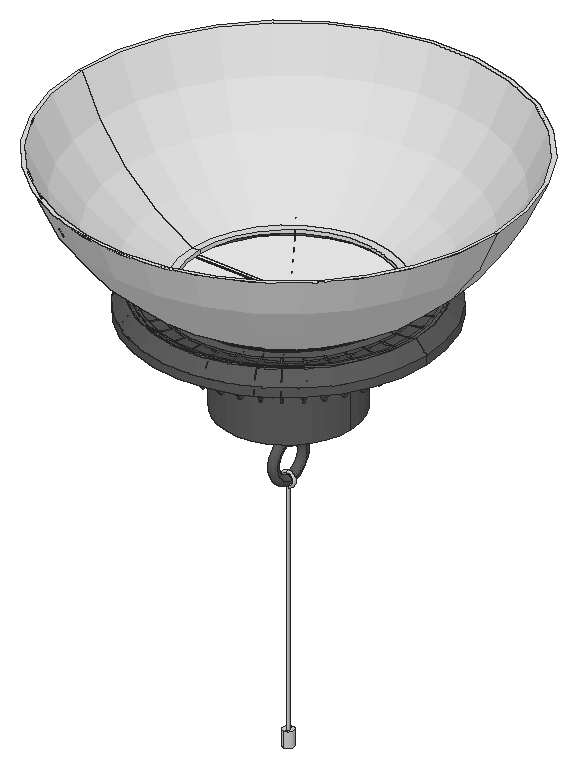
Revit family "0039344+0039356 Feilo Sylvania Lighting Fixture START HIGHBAY 4K 13KLM MEDIUM with ALU SHADE ALU COLOR FOR 13_19KLM", category Lighting Fixtures, host Face, Revit 2017
Family settings
  Host = Face
  Round Connector Dimension = Use Diameter
  Part Type = Normal
  OmniClass Number = 23.80.70.00
  OmniClass Title = Lighting
  Cut with Voids When Loaded = No
  Light Source = Yes
  Shared = No
  Room Calculation Point = No
Parameters (values of type "0039344+0039356 START HIGHBAY 4K 13KLM MEDIUM ALU SHADE ALU COLOR FOR 13/19KLM")
  WidthStraight_FEILO = if(SizeS_FEILO, 3 mm, if(SizeM_FEILO, 4 mm, 4.7 mm))  # 3 mm
  WidthRingChamfer_FEILO = if(SizeS_FEILO, 10.3 mm, if(SizeM_FEILO, 11.2 mm, 12.9 mm))  # 10.3 mm
  WidthCurved_FEILO = if(SizeS_FEILO, 17.4 mm, if(SizeM_FEILO, 16.4 mm, 26.2 mm))  # 17.4 mm
  WidthCurvedRing_FEILO = if(SizeS_FEILO, 3 mm, if(SizeM_FEILO, 4 mm, 4.7 mm))  # 3 mm
  WidthBracket_FEILO = 40 mm
  Weight = "3.0 kg"
  Wattage Comments = ""
  Wattage = 100 W
  WarrantyStartDate [instance] = "n/a"
  WarrantyGuarantorParts = "n/a"
  WarrantyDurationUnit = "n/a"
  WarrantyDurationParts = "n/a"
  WarrantyDescription = "n/a"
  built-in parameter 1150110 = 1 (stored number, unit not read)
  Voltage = 230 V
  VisibilityBracket_FEILO = no
  URL = "http://www.sylvania-lighting.com"
  TypeName = "START HIGHBAY 4K 13KLM MEDIUM ALU SHADE ALU COLOR FOR 13/19KLM"
  Type Image = <None>
  Type Comments = "n/a"
  built-in parameter 1114217 = 1 (stored number, unit not read)
  Tilt Angle = -90.00°
  ThicknessWall_FEILO = 1.5 mm
  ThicknessBracket_FEILO = 1.5 mm
  ThicknessBracketHalf_FEILO = ThicknessBracket_FEILO / 2  # 0.75 mm
  built-in parameter 1150109 = 1 (stored number, unit not read)
  built-in parameter 1150134 = 12
  SuspensionHeight_FEILO [instance] = 400 mm
  built-in parameter 1150113 = 1 (stored number, unit not read)
  SizeS_FEILO = yes
  SizeM_FEILO = no
  ShadeThickness_FEILO = 3 mm
  ShadeSizeSM_FEILO = or(SizeS_FEILO, SizeM_FEILO)  # yes
  ShadeRadiusOut_FEILO = 205 mm
  ShadeRadiusIn_FEILO = if(ShadeSizeSM_FEILO, 95 mm, 121 mm)  # 95 mm
  ShadeRadiusBend_FEILO = if(ShadeSizeSM_FEILO, 210 mm, 210 mm)  # 210 mm
  ShadeHeight_FEILO = if(ShadeSizeSM_FEILO, 120 mm, 151 mm)  # 120 mm
  SerialNumber [instance] = "n/a"
  Rib4_FEILO = if(SizeS_FEILO, 18.1 mm, if(SizeM_FEILO, 13.6 mm, 14.6 mm))  # 18.1 mm
  Rib3_FEILO = if(SizeS_FEILO, 15.3 mm, if(SizeM_FEILO, 17.6 mm, 20.2 mm))  # 15.3 mm
  Rib2_FEILO = if(SizeS_FEILO, 3.6 mm, if(SizeM_FEILO, 3.9 mm, 4.5 mm))  # 3.6 mm
  Rib1_FEILO = if(SizeS_FEILO, 15.1 mm, if(SizeM_FEILO, 16.5 mm, 19 mm))  # 15.1 mm
  RadiusDiffuser_FEILO = if(SizeS_FEILO, 95.2 mm, if(SizeM_FEILO, 105.3 mm, 120 mm))  # 95.2 mm
  RadiusArrayPost_FEILO = DriverRadius_FEILO - 6 mm  # 55.4 mm
  RHRadius3_FEILO = if(SizeS_FEILO, 6.6 mm, if(SizeM_FEILO, 7.4 mm, 8.6 mm))  # 6.6 mm
  RHRadius2_FEILO = if(SizeS_FEILO, 11 mm, if(SizeM_FEILO, 12 mm, 14 mm))  # 11 mm
  RHRadius1_FEILO = if(SizeS_FEILO, 13.6 mm, if(SizeM_FEILO, 14.9 mm, 17.7 mm))  # 13.6 mm
  RHHeight4_FEILO = if(SizeS_FEILO, 7.3 mm, if(SizeM_FEILO, 8 mm, 9.2 mm))  # 7.3 mm
  RHHeight3_FEILO = if(SizeS_FEILO, 3.6 mm, if(SizeM_FEILO, 3.7 mm, 4.6 mm))  # 3.6 mm
  RHHeight2_FEILO = if(SizeS_FEILO, 2 mm, if(SizeM_FEILO, 2.2 mm, 2.6 mm))  # 2 mm
  RHHeight1_FEILO = if(SizeS_FEILO, 11.8 mm, if(SizeM_FEILO, 15.3 mm, 17.4 mm))  # 11.8 mm
  Photometric Web File = "0039344+0039356.ies"
  Material_5_FEILO = Shade-Sylvania-StartHighbay-Alu
  Material_3_FEILO = LED-Sylvania-StartHighbay-Glow
  PowerFactor = 0.95
  PowerConsumption = "100 W"
  NominalLength = 270 mm
  NominalHeight = 170 mm
  NominalDepth = 270 mm
  Name = "START HIGHBAY 4K 13KLM MEDIUM ALU SHADE ALU COLOR FOR 13/19KLM"
  ModelReference = Name  # "START HIGHBAY 4K 13KLM MEDIUM ALU SHADE ALU COLOR FOR 13/19KLM"
  ModelNumber = "0039344+0039356"
  Model = Name  # "START HIGHBAY 4K 13KLM MEDIUM ALU SHADE ALU COLOR FOR 13/19KLM"
  Material = "aluminium alloy housing, polycarbonate diffuser"
  ManufacturerName = "Feilo Sylvania"
  Manufacturer = "Feilo Sylvania"
  LuminousEfficacy = "130 lm/W"
  built-in parameter 1150105 = 17668 (stored number, unit not read)
  Lumens = 13000 lm
  LuminaireType = ""
  built-in parameter 1150115 = 1 (stored number, unit not read)
  LightOutputRatio = "n/a"
  built-in parameter 1150137 = (empty or 0)
  built-in parameter 1150139 = (empty or 0)
  LampsType = Lamp  # "LED"
  LampNominalLuminous = "13000 lm"
  LampMacAdamStep = "n/a"
  LampColourTemperature = "4000 K"
  LampColourRenderingIndex = "80"
  built-in parameter 1150112 = 1 (stored number, unit not read)
  built-in parameter 1150114 = 1 (stored number, unit not read)
  Lamp = "LED"
  Keynote = "16500"
  InstallationDate [instance] = "n/a"
  InputVoltage = "220-240V~"
  InputNominalFrequency = "50/60 Hz"
  built-in parameter 1150132 = (empty or 0)
  built-in parameter 1150102 = (empty or 0)
  built-in parameter 1150107 = 4000 (stored number, unit not read)
  built-in parameter 1150138 = (empty or 0)
  IngressProtection = "IP65"
  ImpactProtectionIndex = "IK08"
  built-in parameter 1150106 = 176.68 (stored number, unit not read)
  IfcExportType = "IfcLightFixtureType"
  IfcExportAs = "IfcLightFixtureType"
  HeightRing_FEILO = if(SizeS_FEILO, 19.8 mm, if(SizeM_FEILO, 32 mm, 36.8 mm))  # 19.8 mm
  HeightRingChamfer_FEILO = if(SizeS_FEILO, 11.7 mm, if(SizeM_FEILO, 23.2 mm, 26.6 mm))  # 11.7 mm
  EyeThickness_FEILO = if(SizeS_FEILO, 8.4 mm, if(SizeM_FEILO, 9.2 mm, 10.5 mm))  # 8.4 mm
  EyeThicknessHalf_FEILO = EyeThickness_FEILO / 2  # 4.2 mm
  EyeInner_FEILO = if(SizeS_FEILO, 13.8 mm, if(SizeM_FEILO, 15.1 mm, 17.3 mm))  # 13.8 mm
  ExpectedLife = 50000
  Emit from Circle Diameter = RadiusDiffuser_FEILO * 2  # 190.4 mm
  Emit Shape Visible in Rendering = no
  ElectricShockClassification = "Class I"
  built-in parameter 1150104 = 12.077 (stored number, unit not read)
  DurationUnit = "hours"
  DriverVerticalStraight_FEILO = if(SizeS_FEILO, 46.5 mm, if(SizeM_FEILO, 49.7 mm, 57 mm))  # 46.5 mm
  DriverVerticalChamfer_FEILO = if(SizeS_FEILO, 7.5 mm, if(SizeM_FEILO, 8.2 mm, 9.5 mm))  # 7.5 mm
  DriverRadius_FEILO = if(SizeS_FEILO, 61.4 mm, if(SizeM_FEILO, 67.2 mm, 76.4 mm))  # 61.4 mm
  DriverRadiusTop_FEILO = if(SizeS_FEILO, 42 mm, if(SizeM_FEILO, 45.3 mm, 52.4 mm))  # 42 mm
  DriverBottom_FEILO = if(SizeS_FEILO, 56 mm, if(SizeM_FEILO, 64.5 mm, 74 mm))  # 56 mm
  DocumentationLiterature = "http://www.sylvania-lighting.com/product/en-int/products/0039344"
  DimmingControlOptions = "n/a"
  Material_2_FEILO = Diffuser-Sylvania-StartHighbay-Transparent
  Radius_FEILO = if(SizeS_FEILO, 135 mm, if(SizeM_FEILO, 148 mm, 169.5 mm))  # 135 mm
  Dimming Lamp Color Temperature Shift = <None>
  DiameterWire_FEILO = 3 mm
  DiameterWireSupport_FEILO = 10 mm
  Description = "START HIGHBAY, includes 1 m cables, black aluminium housing, 13000LM, 100W, 130lm/W, 4000K, Driver current: 2140mA, CR80, 60° beam angle, 1-10V dimmable,  IP65, IK08, 50,000 hrs (L70B50), (LxWxH) 270x270x170mm"
  Default Elevation = 1219.2 mm
  CreatedOn = "2/28/2018"
  CreatedBy = ""
  Cost = 0
  Color Filter = 16777215
  built-in parameter 1114216 [instance] = (empty or 0)
  ClassificationValue = "EF_70_80"
  ClassificationName = "Uniclass2015"
  Material_1_FEILO = Body-Sylvania-StartHighbay-Black
  BarCode [instance] = "n/a"
  built-in parameter 1114218 = 1 (stored number, unit not read)
  built-in parameter 1150133 = 10 (stored number, unit not read)
  AssetType = "Fixed"
  AssetIdentifier [instance] = "n/a"
  Assembly Code = "D5020200"
  Apparent Load = 100 VA
  Material_4_FEILO = Shade-Sylvania-StartHighbay-Alu
Reference planes
  plane 1 "Center (Front/Back)": y = 0
  plane 2: z = 0
  plane 3 "Center (Left/Right)": x = 0
  plane 4: z = 400
  plane 5: x = -135
  plane 6: x = -124.7
  plane 7: z = 388.3
  plane 8: z = 380.2
  plane 9: x = -121.7
  plane 10: z = 397.375
  plane 11: x = -104.3
  plane 12: x = -95.2
  plane 13: x = -118.7
  plane 14: z = 398.375
  plane 15: z = 396.375
  plane 16: x = -92.2
  plane 17: z = 395.375
  plane 18: x = -133.5
  plane 19: x = -119.9
  plane 20: z = 376.6
  plane 21: x = -104.6
  plane 22: z = 358.5
  plane 23: x = -20
  plane 24: z = 344
  plane 25: x = -61.4
  plane 26: z = 297.5
  plane 27: x = -42
  plane 28: z = 290
  plane 29: x = -13.6
  plane 30: z = 278.2
  plane 31: z = 276.2
  plane 32: x = -11
  plane 33: z = 272.6
  plane 34: z = 265.3
  plane 35: x = -6.6
  plane 36: z = 251.5
  plane 37: z = 237.7
  plane 38: x = 4.2
  plane 39: x = -4.2
  plane 40: z = 229.3
  plane 41: z = 233.5
  plane 42: x = -129.1
  plane 43: x = -132.5
  plane 44: z = 378.7
  plane 45: x = -123.2
  plane 46: z = 320.75
  plane 47: y = -20
  plane 48: y = 20
  plane 49: x = 135
  plane 50: x = 124.7
  plane 51: x = 133.5
  plane 52: x = 129.1
  plane 53: x = 132.5
  plane 54: x = 123.2
  plane 55: z = 240.7
  plane 56: y = 1.5
  plane 57: y = -1.5
  plane 58: z = 239.2
  plane 59: z = 227.8
  plane 60: z = 226.3
  plane 61: y = -5
  plane 62: y = 5
  plane 63: z = 14
  plane 64: x = -205
  plane 65: z = 520
  plane 66: x = -95
  plane 67: x = -87
  plane 68: x = -202
  plane 69: z = 403
Forms (mm)
  Revolve 1, solid, material "Body-Sylvania-StartHighbay-Black" <- "Material_1_FEILO", detail levels medium+fine
    sketch origin (0, 0, 0) x (1, 0, 0) y (0, 0, 1)
      loop
        line (-135, 380.2) -> (-133.5, 380.2) -> (-133.5, 387.734) -> (-125.012, 397.375) -> (-118.7, 397.375) -> (-118.7, 399.16)
        arc (-118.7, 399.16) -> (-120.206, 399.56) -> (-121.7, 400) r 58.981
        line (-121.7, 400) -> (-124.241, 400)
        arc (-124.241, 400) -> (-124.657, 399.911) -> (-124.999, 399.66) r 1.015
        line (-124.999, 399.66) -> (-135, 388.3) -> (-135, 380.2)
      axis (0, 400) -> (0, 380.2)
    angle from 360 to 0
  Revolve 2, solid, material "Body-Sylvania-StartHighbay-Black" <- "Material_1_FEILO", detail levels medium+fine
    sketch origin (0, 0, 0) x (1, 0, 0) y (0, 0, 1)
      loop
        line (-104.3, 395.375) -> (-95.2, 395.375) -> (-95.2, 388.3) -> (0, 388.3) -> (0, 395.375) -> (-92.2, 395.375) -> (-92.2, 396.375) -> (-95.2, 396.375) -> (-95.2, 397.375) -> (-104.3, 397.375) -> (-104.3, 395.375)
      axis (0, 397.375) -> (0, 388.3)
    angle from 360 to 0
  Revolve 3, solid, material "Diffuser-Sylvania-StartHighbay-Transparent" <- "Material_2_FEILO", detail levels medium+fine
    sketch origin (0, 0, 0) x (1, 0, 0) y (0, 0, 1)
      loop
        line (-95.2, 396.375) -> (0, 396.375) -> (0, 398.375) -> (-95.2, 398.375) -> (-95.2, 396.375)
      axis (0, 398.375) -> (0, 396.375)
    angle from 360 to 0
  Revolve 4, solid, material "Body-Sylvania-StartHighbay-Black" <- "Material_1_FEILO"
    sketch origin (0, 0, 0) x (1, 0, 0) y (0, 0, 1)
      loop
        line (-61.4, 358.5) -> (-61.4, 297.5) -> (-42, 290) -> (-13.6, 290) -> (-13.6, 278.2) -> (-11, 276.2) -> (-11, 272.6) -> (-7.037, 266.026)
        arc (-7.037, 266.026) -> (-6.49, 265.494) -> (-5.753, 265.3) r 1.5
        line (-5.753, 265.3) -> (0, 265.3) -> (0, 358.5) -> (-61.4, 358.5)
      axis (0, 358.5) -> (0, 265.3)
    angle from 360 to 0
  Revolve 5, solid, material "Body-Sylvania-StartHighbay-Black" <- "Material_1_FEILO"
    sketch origin (0, 0, 0) x (1, 0, 0) y (0, 0, 1)
      loop
        circle (0, 233.5) r 4.2
      axis (4.2, 251.5) -> (-4.2, 251.5)
    angle from 360 to 0
  Extrusion 6, solid, material "Body-Sylvania-StartHighbay-Black" <- "Material_1_FEILO", visible <- "VisibilityBracket_FEILO"
    sketch origin (0, 0, 0) x (1, 0, 0) y (0, 0, 1)
      loop
        line (-132.5, 380.2) -> (-132.5, 378.7) -> (-125.45, 378.7)
        arc (-125.45, 378.7) -> (-124.92, 378.48) -> (-124.7, 377.95) r 0.75
        line (-124.7, 377.95) -> (-124.7, 320.75) -> (-123.2, 320.75) -> (-123.2, 378.7)
        arc (-123.2, 378.7) -> (-123.639, 379.761) -> (-124.7, 380.2) r 1.5
        line (-124.7, 380.2) -> (-132.5, 380.2)
      loop
        line (132.5, 380.2) -> (124.7, 380.2)
        arc (124.7, 380.2) -> (123.639, 379.761) -> (123.2, 378.7) r 1.5
        line (123.2, 378.7) -> (123.2, 320.75) -> (124.7, 320.75) -> (124.7, 377.95)
        arc (124.7, 377.95) -> (124.92, 378.48) -> (125.45, 378.7) r 0.75
        line (125.45, 378.7) -> (132.5, 378.7) -> (132.5, 380.2)
    from -20 to 20
  Extrusion 7, void
    sketch origin (0, 0, 0) x (0, 1, 0) y (0, 0, 1)
      loop
        arc (-10, 320.75) -> (-17.071, 323.679) -> (-20, 330.75) r 10
        line (-20, 330.75) -> (-25, 330.75) -> (-25, 315.75) -> (-10, 315.75) -> (-10, 320.75)
      loop
        line (10, 320.75) -> (10, 315.75) -> (25, 315.75) -> (25, 330.75) -> (20, 330.75)
        arc (20, 330.75) -> (17.071, 323.679) -> (10, 320.75) r 10
    from -124.7 to 124.7
  Revolve 8, solid, material "Body-Sylvania-StartHighbay-Black" <- "Material_1_FEILO", detail levels coarse
    sketch origin (0, 0, 0) x (1, 0, 0) y (0, 0, 1)
      loop
        line (0, 400) -> (-124.7, 400) -> (-135, 388.3) -> (-135, 380.2) -> (-119.9, 380.2) -> (-119.9, 376.6) -> (-104.6, 358.5) -> (0, 358.5) -> (0, 400)
      axis (0, 400) -> (0, 358.5)
    angle from 360 to 0
  Revolve 9, solid
    sketch origin (0, 0, 0) x (0, 1, 0) y (0, 0, 1)
      loop
        circle (0, 239.2) r 1.5
      axis (1.5, 233.5) -> (-1.5, 233.5)
    angle from 360 to 0
  Revolve 10, solid
    sketch origin (0, 0, 0) x (0, 1, 0) y (0, 0, 1)
      loop
        line (0, 0) -> (0, 227.8) -> (-1.5, 227.8) -> (-1.5, 14) -> (-5, 14) -> (-5, 0) -> (0, 0)
      axis (0, 0) -> (0, 227.8)
    angle from 360 to 0
  Revolve 11, solid, material "Shade-Sylvania-StartHighbay-Alu" <- "Material_4_FEILO"
    sketch origin (0, 0, 0) x (1, 0, 0) y (0, 0, 1)
      loop
        line (-95, 400) -> (-87, 400) -> (-87, 403) -> (-94.341, 403)
        arc (-94.341, 403) -> (-159.747, 450.78) -> (-201.81, 520) r 207
        line (-201.81, 520) -> (-205, 520)
        arc (-205, 520) -> (-162.101, 448.908) -> (-95, 400) r 210
      axis (0, 520) -> (0, 400)
    angle from 360 to 0
Cuts and joins
  Extrusion 7 cuts Extrusion 6
Lines and regions (mm)
  reference lines
    curve 1: line (-135, 0, 388.3) -> (-124.7, 0, 400)
    curve 2: line (-104.3, 0, 397.375) -> (0, 0, 397.375)
    curve 3: arc (-104.3, 0, 397.375) -> (-113.098, 0, 398.035) -> (-121.7, 0, 400) r 58.981
    curve 4: line (-124.7, 0, 400) -> (-121.7, 0, 400)
    curve 5: line (-125.012, 0, 397.375) -> (-133.5, 0, 387.734)
    curve 6: line (-119.9, 0, 376.6) -> (-104.6, 0, 358.5)
    curve 7: line (-11, 0, 272.6) -> (-6.6, 0, 265.3)
    curve 8: circle (0, 0, 233.5) r 4.2 normal (0, -1, 0)
    curve 9: arc (-95, 0, 400) -> (-162.101, 0, 448.908) -> (-205, 0, 520) r 210
Dimensions and locks
  "Radius_FEILO": plane 3 "Center (Left/Right)" to plane 5
  "WidthRingChamfer_FEILO": plane 6 to plane 5
  "WidthStraight_FEILO": plane 9 to plane 6
  "WidthCurvedRing_FEILO": plane 13 to plane 9
  locked: plane 10 to plane 15 at 1
  locked: plane 14 to plane 10 at 1
  locked: plane 4 to plane 10 at 2.625
  locked: plane 15 to plane 17 at 1
  "ThicknessWall_FEILO": plane 18 to plane 5
  "ThicknessWall_FEILO": curve 5 to curve 1
  "HeightRingChamfer_FEILO": plane 4 to plane 7
  "HeightRing_FEILO": plane 4 to plane 8
  "RadiusDiffuser_FEILO": plane 3 "Center (Left/Right)" to plane 12
  locked: plane 16 to plane 12 at 3
  "WidthCurved_FEILO": plane 11 to plane 9
  "SuspensionHeight_FEILO": plane 4 to plane 2
  "Rib1_FEILO": plane 19 to plane 5
  "Rib2_FEILO": plane 8 to plane 20
  "Rib3_FEILO": plane 21 to plane 19
  "Rib4_FEILO": plane 20 to plane 22
  locked: plane 3 "Center (Left/Right)" to plane 23 at 20
  "DriverBottom_FEILO": plane 4 to plane 24
  "DriverRadius_FEILO": plane 3 "Center (Left/Right)" to plane 25
  "DriverVerticalStraight_FEILO": plane 24 to plane 26
  "DriverRadiusTop_FEILO": plane 3 "Center (Left/Right)" to plane 27
  "DriverVerticalChamfer_FEILO": plane 26 to plane 28
  "RHRadius1_FEILO": plane 3 "Center (Left/Right)" to plane 29
  "RHHeight2_FEILO": plane 30 to plane 31
  "RHRadius2_FEILO": plane 3 "Center (Left/Right)" to plane 32
  "RHHeight3_FEILO": plane 31 to plane 33
  "RHHeight4_FEILO": plane 33 to plane 34
  "RHRadius3_FEILO": plane 3 "Center (Left/Right)" to plane 35
  "RHHeight1_FEILO": plane 28 to plane 30
  "EyeInner_FEILO": plane 34 to plane 36
  "EyeInner_FEILO": plane 36 to plane 37
  equal spacing: plane 38, plane 3 "Center (Left/Right)", plane 39
  "EyeThickness_FEILO": plane 38 to plane 39
  "EyeThickness_FEILO": plane 37 to plane 40
  equal spacing: plane 37, plane 41, plane 40
  equal spacing: plane 6, plane 42, plane 18
  "ThicknessBracket_FEILO": plane 45 to plane 6
  "ThicknessBracket_FEILO": plane 8 to plane 44
  locked: plane 43 to plane 18 at 1
  equal spacing: plane 24, plane 46, plane 26
  equal spacing: plane 47, plane 1 "Center (Front/Back)", plane 48
  "WidthBracket_FEILO": plane 47 to plane 48
  "WidthRingChamfer_FEILO": plane 50 to plane 49
  "ThicknessWall_FEILO": plane 51 to plane 49
  equal spacing: plane 50, plane 52, plane 51
  "ThicknessBracket_FEILO": plane 54 to plane 50
  locked: plane 53 to plane 51 at 1
  "Radius_FEILO": plane 49 to plane 3 "Center (Left/Right)"
  equal spacing: plane 57, imposter light, plane 56
  "DiameterWire_FEILO": plane 57 to plane 56
  "DiameterWire_FEILO": plane 37 to plane 55
  equal spacing: plane 37, plane 58, plane 55
  "DiameterWire_FEILO": plane 60 to plane 40
  equal spacing: plane 60, plane 59, plane 40
  equal spacing: plane 61, plane 1 "Center (Front/Back)", plane 62
  "DiameterWireSupport_FEILO": plane 61 to plane 62
  locked: plane 63 to plane 2 at 14
  "ShadeRadiusOut_FEILO": plane 3 "Center (Left/Right)" to plane 64
  "ShadeHeight_FEILO": plane 65 to plane 4
  "ShadeRadiusIn_FEILO": plane 3 "Center (Left/Right)" to plane 66
  locked: plane 67 to plane 66 at 8
  "ShadeThickness_FEILO": plane 69 to plane 4
  "ShadeThickness_FEILO": plane 68 to plane 64
  "EyeThicknessHalf_FEILO": radius of curve 8
  "ThicknessBracket_FEILO": radius of Extrusion 6 sketch curve  (x2)
  "ThicknessBracketHalf_FEILO": radius of Extrusion 6 sketch curve  (x2)
  "DiameterWire_FEILO": diameter of Revolve 9 sketch curve
  "ShadeRadiusBend_FEILO": radius of curve 9
  aligned and locked: plane 2 to host face
  aligned and locked: level to host face
  aligned and locked: plane 5 to curve 1
  aligned and locked: plane 6 to curve 1
  aligned and locked: plane 7 to curve 1
  aligned and locked: plane 10 to curve 2
  aligned and locked: plane 9 to curve 3
  aligned and locked: plane 4 to curve 3
  aligned and locked: plane 11 to curve 3
  aligned and locked: plane 4 to curve 4
  aligned and locked: plane 18 to curve 5
  aligned and locked: plane 10 to curve 5
  aligned and locked: Revolve 1 sketch curve to plane 3 "Center (Left/Right)"
  aligned and locked: Revolve 1 sketch curve to curve 3
  aligned and locked: Revolve 1 sketch curve to curve 1
  aligned and locked: plane 4 to Revolve 1 sketch curve
  aligned and locked: plane 9 to Revolve 1 sketch curve
  aligned and locked: Revolve 1 sketch curve to plane 13
  aligned and locked: Revolve 1 sketch curve to plane 10
  aligned and locked: plane 13 to Revolve 1 sketch curve
  aligned and locked: plane 10 to Revolve 1 sketch curve
  aligned and locked: Revolve 1 sketch curve to plane 18
  aligned and locked: Revolve 1 sketch curve to plane 8
  aligned and locked: plane 5 to Revolve 1 sketch curve  (x2)
  aligned and locked: Revolve 2 sketch curve to plane 3 "Center (Left/Right)"
  aligned and locked: plane 11 to Revolve 2 sketch curve
  aligned and locked: Revolve 2 sketch curve to curve 2
  aligned and locked: plane 15 to Revolve 2 sketch curve
  aligned and locked: Revolve 2 sketch curve to plane 16
  aligned and locked: plane 17 to Revolve 2 sketch curve  (x2)
  aligned and locked: Revolve 2 sketch curve to plane 12
  aligned and locked: plane 7 to Revolve 2 sketch curve
  aligned and locked: Revolve 3 sketch curve to plane 3 "Center (Left/Right)"
  aligned and locked: Revolve 3 sketch curve to plane 14
  aligned and locked: plane 3 "Center (Left/Right)" to Revolve 3 sketch curve
  aligned and locked: Revolve 3 sketch curve to plane 12
  aligned and locked: plane 15 to Revolve 3 sketch curve
  aligned and locked: Revolve 1 sketch curve to curve 5
  aligned and locked: plane 22 to curve 6
  aligned and locked: plane 21 to curve 6
  aligned and locked: plane 20 to curve 6
  aligned and locked: plane 19 to curve 6
  aligned and locked: plane 33 to curve 7
  aligned and locked: plane 32 to curve 7
  aligned and locked: plane 35 to curve 7
  aligned and locked: plane 34 to curve 7
  aligned and locked: Revolve 4 sketch curve to plane 3 "Center (Left/Right)"
  aligned and locked: Revolve 4 sketch curve to plane 25
  aligned and locked: plane 27 to Revolve 4 sketch curve
  aligned and locked: plane 28 to Revolve 4 sketch curve
  aligned and locked: plane 30 to Revolve 4 sketch curve
  aligned and locked: Revolve 4 sketch curve to plane 29
  aligned and locked: plane 31 to Revolve 4 sketch curve
  aligned and locked: Revolve 4 sketch curve to curve 7
  aligned and locked: Revolve 4 sketch curve to plane 32
  aligned and locked: plane 34 to Revolve 4 sketch curve
  aligned and locked: plane 3 "Center (Left/Right)" to Revolve 4 sketch curve
  aligned and locked: plane 3 "Center (Left/Right)" to curve 8
  aligned and locked: plane 41 to curve 8
  aligned and locked: Revolve 5 sketch curve to plane 36
  aligned and locked: Revolve 5 sketch curve to curve 8
  aligned and locked: plane 43 to Extrusion 6 sketch curve  (x2)
  aligned and locked: plane 8 to Extrusion 6 sketch curve  (x3)
  aligned and locked: Extrusion 6 sketch curve to plane 45
  aligned and locked: Extrusion 6 sketch curve to plane 46  (x2)
  aligned and locked: plane 6 to Extrusion 6 sketch curve
  aligned and locked: Extrusion 6 sketch curve to plane 44  (x2)
  aligned and locked: Extrusion 6 to plane 48
  aligned and locked: plane 47 to Extrusion 6
  aligned and locked: plane 53 to Extrusion 6 sketch curve
  aligned and locked: plane 50 to Extrusion 6 sketch curve
  aligned and locked: Extrusion 6 sketch curve to plane 54
  aligned and locked: Extrusion 7 sketch curve to Extrusion 7 sketch curve
  aligned and locked: Extrusion 7 to plane 6
  aligned and locked: Extrusion 7 to Extrusion 6
  aligned and locked: Revolve 4 sketch curve to plane 22
  aligned and locked: plane 23 to nested 1
  aligned and locked: plane 1 "Center (Front/Back)" to nested 1
  aligned and locked: Revolve 8 sketch curve to plane 3 "Center (Left/Right)"
  aligned and locked: Revolve 8 sketch curve to plane 4
  aligned and locked: plane 6 to Revolve 8 sketch curve
  aligned and locked: plane 4 to Revolve 8 sketch curve
  aligned and locked: plane 7 to Revolve 8 sketch curve
  aligned and locked: Revolve 8 sketch curve to plane 5
  aligned and locked: plane 8 to Revolve 8 sketch curve  (x2)
  aligned and locked: Revolve 8 sketch curve to plane 19
  aligned and locked: plane 20 to Revolve 8 sketch curve
  aligned and locked: plane 19 to Revolve 8 sketch curve
  aligned and locked: plane 21 to Revolve 8 sketch curve
  aligned and locked: plane 22 to Revolve 8 sketch curve  (x2)
  aligned and locked: Revolve 8 sketch curve to Revolve 8 sketch curve
  aligned and locked: imposter light to plane 4
  aligned and locked: plane 3 "Center (Left/Right)" to imposter light
  aligned and locked: imposter light to plane 1 "Center (Front/Back)"
  aligned and locked: Revolve 9 sketch curve to plane 41
  aligned and locked: Revolve 10 sketch curve to plane 1 "Center (Front/Back)"
  aligned and locked: plane 1 "Center (Front/Back)" to Revolve 10 sketch curve  (x2)
  aligned and locked: host face to Revolve 10 sketch curve
  aligned and locked: plane 63 to Revolve 10 sketch curve
  aligned and locked: Revolve 10 sketch curve to plane 61
  aligned and locked: Revolve 10 sketch curve to plane 57
  aligned and locked: plane 59 to Revolve 10 sketch curve
  aligned and locked: plane 64 to curve 9
  aligned and locked: plane 65 to curve 9
  aligned and locked: plane 66 to curve 9
  aligned and locked: plane 4 to curve 9
  aligned and locked: Revolve 11 sketch curve to curve 9
  aligned and locked: plane 67 to Revolve 11 sketch curve
  aligned and locked: plane 66 to Revolve 11 sketch curve
  aligned and locked: plane 65 to Revolve 11 sketch curve  (x2)
  aligned and locked: Revolve 11 sketch curve to plane 67
  aligned and locked: plane 69 to Revolve 11 sketch curve
Automatic sketch dimensions
  host sketch curve to host sketch curve = 2438.4 mm  (x2)
  Revolve 1 sketch curve to plane 6 = 0.299 mm
  plane 6 to Revolve 1 sketch curve = 0.459 mm
  Revolve 1 sketch curve to level = 609.6 mm
  Revolve 1 sketch curve to Revolve 1 sketch curve = 2312.223 mm
  Revolve 2 sketch curve to plane 12 = 0 mm
  Revolve 2 sketch curve to plane 3 "Center (Left/Right)" = 0 mm
  Revolve 2 sketch curve to level = 609.6 mm
  Revolve 2 sketch curve to plane 4 = 2339.058 mm
  Revolve 3 sketch curve to level = 609.6 mm
  Revolve 3 sketch curve to plane 4 = 2339.058 mm
  Revolve 5 sketch curve to plane 5 = 1080 mm
  plane 38 to Revolve 5 sketch curve = 1219.2 mm
  Extrusion 7 sketch curve to plane 47 = 0 mm
  plane 46 to Extrusion 7 sketch curve = 0 mm  (x2)
  Extrusion 7 sketch curve to plane 48 = 0 mm
  plane 47 to Extrusion 7 sketch curve = 5 mm
  plane 1 "Center (Front/Back)" to Extrusion 7 sketch curve = 10 mm
  Extrusion 7 sketch curve to Extrusion 7 sketch curve = 10 mm
  plane 46 to Extrusion 7 sketch curve = 5 mm
  Extrusion 7 sketch curve to Extrusion 7 sketch curve = 5 mm
  Extrusion 7 sketch curve to plane 48 = 5 mm
  Revolve 4 sketch curve to plane 26 = 0 mm
  Revolve 4 sketch curve to plane 35 = 0.437 mm
  plane 35 to Revolve 4 sketch curve = 0.847 mm
  Revolve 4 sketch curve to plane 34 = 0.726 mm
  plane 40 to Revolve 4 sketch curve = 590.2 mm
  Revolve 4 sketch curve to plane 4 = 2339.058 mm
  Revolve 8 sketch curve to level = 609.6 mm
  Revolve 8 sketch curve to Revolve 8 sketch curve = 2386.058 mm
  Revolve 9 sketch curve to plane 1 "Center (Front/Back)" = 0 mm
  plane 58 to Revolve 9 sketch curve = 0 mm
  plane 47 to Revolve 9 sketch curve = 2534.941 mm
  Revolve 9 sketch curve to plane 48 = 2077.409 mm
  Revolve 10 sketch curve to Revolve 10 sketch curve = 609.6 mm
  Revolve 10 sketch curve to plane 4 = 2123.807 mm
  curve 2 to plane 3 "Center (Left/Right)" = 0 mm
  Revolve 11 sketch curve to Revolve 11 sketch curve = 0 mm  (x2)
  Revolve 11 sketch curve to plane 3 "Center (Left/Right)" = 0 mm
  plane 66 to Revolve 11 sketch curve = 0.659 mm
  Revolve 11 sketch curve to level = 609.6 mm
  Revolve 11 sketch curve to Revolve 11 sketch curve = 2068.248 mm
Nested families
  nested 1: "Start Highbay Rib" at (0, 0, 397.375), type "Type Name", detail levels medium+fine
    with SuspensionHeight_FEILO 2.6 mm
  nested 2: "Start Highbay Rib" at (0, 0, 397.375) x (0.9877, 0.1564, 0) z (0, 0, 1), type "Type Name", detail levels medium+fine
    with SuspensionHeight_FEILO 2.6 mm
  nested 3: "Start Highbay Rib" at (0, 0, 397.375) x (0.9511, 0.309, 0) z (0, 0, 1), type "Type Name", detail levels medium+fine
    with SuspensionHeight_FEILO 2.6 mm
  nested 4: "Start Highbay Rib" at (0, 0, 397.375) x (0.891, 0.454, 0) z (0, 0, 1), type "Type Name", detail levels medium+fine
    with SuspensionHeight_FEILO 2.6 mm
  nested 5: "Start Highbay Rib" at (0, 0, 397.375) x (0.809, 0.5878, 0) z (0, 0, 1), type "Type Name", detail levels medium+fine
    with SuspensionHeight_FEILO 2.6 mm
  nested 6: "Start Highbay Rib" at (0, 0, 397.375) x (0.7071, 0.7071, 0) z (0, 0, 1), type "Type Name", detail levels medium+fine
    with SuspensionHeight_FEILO 2.6 mm
  nested 7: "Start Highbay Rib" at (0, 0, 397.375) x (0.5878, 0.809, 0) z (0, 0, 1), type "Type Name", detail levels medium+fine
    with SuspensionHeight_FEILO 2.6 mm
  nested 8: "Start Highbay Rib" at (0, 0, 397.375) x (0.454, 0.891, 0) z (0, 0, 1), type "Type Name", detail levels medium+fine
    with SuspensionHeight_FEILO 2.6 mm
  nested 9: "Start Highbay Rib" at (0, 0, 397.375) x (0.309, 0.9511, 0) z (0, 0, 1), type "Type Name", detail levels medium+fine
    with SuspensionHeight_FEILO 2.6 mm
  nested 10: "Start Highbay Rib" at (0, 0, 397.375) x (0.1564, 0.9877, 0) z (0, 0, 1), type "Type Name", detail levels medium+fine
    with SuspensionHeight_FEILO 2.6 mm
  nested 11: "Start Highbay Rib" at (0, 0, 397.375) x (0, 1, 0) z (0, 0, 1), type "Type Name", detail levels medium+fine
    with SuspensionHeight_FEILO 2.6 mm
  nested 12: "Start Highbay Rib" at (0, 0, 397.375) x (-0.1564, 0.9877, 0) z (0, 0, 1), type "Type Name", detail levels medium+fine
    with SuspensionHeight_FEILO 2.6 mm
  nested 13: "Start Highbay Rib" at (0, 0, 397.375) x (-0.309, 0.9511, 0) z (0, 0, 1), type "Type Name", detail levels medium+fine
    with SuspensionHeight_FEILO 2.6 mm
  nested 14: "Start Highbay Rib" at (0, 0, 397.375) x (-0.454, 0.891, 0) z (0, 0, 1), type "Type Name", detail levels medium+fine
    with SuspensionHeight_FEILO 2.6 mm
  nested 15: "Start Highbay Rib" at (0, 0, 397.375) x (-0.5878, 0.809, 0) z (0, 0, 1), type "Type Name", detail levels medium+fine
    with SuspensionHeight_FEILO 2.6 mm
  nested 16: "Start Highbay Rib" at (0, 0, 397.375) x (-0.7071, 0.7071, 0) z (0, 0, 1), type "Type Name", detail levels medium+fine
    with SuspensionHeight_FEILO 2.6 mm
  nested 17: "Start Highbay Rib" at (0, 0, 397.375) x (-0.809, 0.5878, 0) z (0, 0, 1), type "Type Name", detail levels medium+fine
    with SuspensionHeight_FEILO 2.6 mm
  nested 18: "Start Highbay Rib" at (0, 0, 397.375) x (-0.891, 0.454, 0) z (0, 0, 1), type "Type Name", detail levels medium+fine
    with SuspensionHeight_FEILO 2.6 mm
  nested 19: "Start Highbay Rib" at (0, 0, 397.375) x (-0.9511, 0.309, 0) z (0, 0, 1), type "Type Name", detail levels medium+fine
    with SuspensionHeight_FEILO 2.6 mm
  nested 20: "Start Highbay Rib" at (0, 0, 397.375) x (-0.9877, 0.1564, 0) z (0, 0, 1), type "Type Name", detail levels medium+fine
    with SuspensionHeight_FEILO 2.6 mm
  nested 21: "Start Highbay Rib" at (0, 0, 397.375) x (-1, 0, 0) z (0, 0, 1), type "Type Name", detail levels medium+fine
    with SuspensionHeight_FEILO 2.6 mm
  nested 22: "Start Highbay Rib" at (0, 0, 397.375) x (-0.9877, -0.1564, 0) z (0, 0, 1), type "Type Name", detail levels medium+fine
    with SuspensionHeight_FEILO 2.6 mm
  nested 23: "Start Highbay Rib" at (0, 0, 397.375) x (-0.9511, -0.309, 0) z (0, 0, 1), type "Type Name", detail levels medium+fine
    with SuspensionHeight_FEILO 2.6 mm
  nested 24: "Start Highbay Rib" at (0, 0, 397.375) x (-0.891, -0.454, 0) z (0, 0, 1), type "Type Name", detail levels medium+fine
    with SuspensionHeight_FEILO 2.6 mm
  nested 25: "Start Highbay Rib" at (0, 0, 397.375) x (-0.809, -0.5878, 0) z (0, 0, 1), type "Type Name", detail levels medium+fine
    with SuspensionHeight_FEILO 2.6 mm
  nested 26: "Start Highbay Rib" at (0, 0, 397.375) x (-0.7071, -0.7071, 0) z (0, 0, 1), type "Type Name", detail levels medium+fine
    with SuspensionHeight_FEILO 2.6 mm
  nested 27: "Start Highbay Rib" at (0, 0, 397.375) x (-0.5878, -0.809, 0) z (0, 0, 1), type "Type Name", detail levels medium+fine
    with SuspensionHeight_FEILO 2.6 mm
  nested 28: "Start Highbay Rib" at (0, 0, 397.375) x (-0.454, -0.891, 0) z (0, 0, 1), type "Type Name", detail levels medium+fine
    with SuspensionHeight_FEILO 2.6 mm
  nested 29: "Start Highbay Rib" at (0, 0, 397.375) x (-0.309, -0.9511, 0) z (0, 0, 1), type "Type Name", detail levels medium+fine
    with SuspensionHeight_FEILO 2.6 mm
  nested 30: "Start Highbay Rib" at (0, 0, 397.375) x (-0.1564, -0.9877, 0) z (0, 0, 1), type "Type Name", detail levels medium+fine
    with SuspensionHeight_FEILO 2.6 mm
  nested 31: "Start Highbay Rib" at (0, 0, 397.375) x (0, -1, 0) z (0, 0, 1), type "Type Name", detail levels medium+fine
    with SuspensionHeight_FEILO 2.6 mm
  nested 32: "Start Highbay Rib" at (0, 0, 397.375) x (0.1564, -0.9877, 0) z (0, 0, 1), type "Type Name", detail levels medium+fine
    with SuspensionHeight_FEILO 2.6 mm
  nested 33: "Start Highbay Rib" at (0, 0, 397.375) x (0.309, -0.9511, 0) z (0, 0, 1), type "Type Name", detail levels medium+fine
    with SuspensionHeight_FEILO 2.6 mm
  nested 34: "Start Highbay Rib" at (0, 0, 397.375) x (0.454, -0.891, 0) z (0, 0, 1), type "Type Name", detail levels medium+fine
    with SuspensionHeight_FEILO 2.6 mm
  nested 35: "Start Highbay Rib" at (0, 0, 397.375) x (0.5878, -0.809, 0) z (0, 0, 1), type "Type Name", detail levels medium+fine
    with SuspensionHeight_FEILO 2.6 mm
  nested 36: "Start Highbay Rib" at (0, 0, 397.375) x (0.7071, -0.7071, 0) z (0, 0, 1), type "Type Name", detail levels medium+fine
    with SuspensionHeight_FEILO 2.6 mm
  nested 37: "Start Highbay Rib" at (0, 0, 397.375) x (0.809, -0.5878, 0) z (0, 0, 1), type "Type Name", detail levels medium+fine
    with SuspensionHeight_FEILO 2.6 mm
  nested 38: "Start Highbay Rib" at (0, 0, 397.375) x (0.891, -0.454, 0) z (0, 0, 1), type "Type Name", detail levels medium+fine
    with SuspensionHeight_FEILO 2.6 mm
  nested 39: "Start Highbay Rib" at (0, 0, 397.375) x (0.9511, -0.309, 0) z (0, 0, 1), type "Type Name", detail levels medium+fine
    with SuspensionHeight_FEILO 2.6 mm
  nested 40: "Start Highbay Rib" at (0, 0, 397.375) x (0.9877, -0.1564, 0) z (0, 0, 1), type "Type Name", detail levels medium+fine
    with SuspensionHeight_FEILO 2.6 mm
Connectors
  electrical at (0, 0, 0), driven by "Apparent Load", driven by "PowerFactor", driven by "Voltage"
    settings: index 1, voltage 230 V, apparent load 100 VA, apparent load phase1 0 VA, apparent load phase2 0 VA, apparent load phase3 0 VA, power factor 0.95, load classification "Lighting", number of poles 1, system type 30, power factor state 1, is connector primary yes, connector utility no, sub classification motor no, connector description ""
Definition of nested family "Start Highbay Rib"
  Parameters (values of type "Type Name")
    WidthStraight_FEILO = if(SizeS_FEILO, 3 mm, if(SizeM_FEILO, 4 mm, 4.7 mm))  # 3 mm
    WidthRingChamfer_FEILO = if(SizeS_FEILO, 10.3 mm, if(SizeM_FEILO, 11.2 mm, 12.9 mm))  # 10.3 mm
    WidthCurved_FEILO = if(SizeS_FEILO, 17.4 mm, if(SizeM_FEILO, 16.4 mm, 26.2 mm))  # 17.4 mm
    WidthCurvedRing_FEILO = if(SizeS_FEILO, 3 mm, if(SizeM_FEILO, 4 mm, 4.7 mm))  # 3 mm
    WidthBracket_FEILO = 40 mm
    URL = "http://www.feilosylvania.com"
    Type Image = (empty or 0)
    Type Comments = "n/a"
    ThicknessWall_FEILO = 1.5 mm
    ThicknessBracket_FEILO = 1.5 mm
    ThicknessBracketHalf_FEILO = ThicknessBracket_FEILO / 2  # 0.75 mm
    SuspensionHeight_FEILO [instance] = 2.6 mm
    SizeS_FEILO = yes
    SizeM_FEILO = no
    Rib4_FEILO = if(SizeS_FEILO, 18.1 mm, if(SizeM_FEILO, 13.6 mm, 14.6 mm))  # 18.1 mm
    Rib3_FEILO = if(SizeS_FEILO, 15.3 mm, if(SizeM_FEILO, 17.6 mm, 20.2 mm))  # 15.3 mm
    Rib2_FEILO = if(SizeS_FEILO, 3.6 mm, if(SizeM_FEILO, 3.9 mm, 4.5 mm))  # 3.6 mm
    Rib1_FEILO = if(SizeS_FEILO, 15.1 mm, if(SizeM_FEILO, 16.5 mm, 19 mm))  # 15.1 mm
    RadiusRib_FEILO = 2 mm
    RadiusDiffuser_FEILO = if(SizeS_FEILO, 95.2 mm, if(SizeM_FEILO, 105.3 mm, 120 mm))  # 95.2 mm
    RHRadius3_FEILO = if(SizeS_FEILO, 6.6 mm, if(SizeM_FEILO, 7.4 mm, 8.6 mm))  # 6.6 mm
    RHRadius2_FEILO = if(SizeS_FEILO, 11 mm, if(SizeM_FEILO, 12 mm, 14 mm))  # 11 mm
    RHRadius1_FEILO = if(SizeS_FEILO, 13.6 mm, if(SizeM_FEILO, 14.9 mm, 17.7 mm))  # 13.6 mm
    RHHeight4_FEILO = if(SizeS_FEILO, 7.3 mm, if(SizeM_FEILO, 8 mm, 9.2 mm))  # 7.3 mm
    RHHeight3_FEILO = if(SizeS_FEILO, 3.6 mm, if(SizeM_FEILO, 3.7 mm, 4.6 mm))  # 3.6 mm
    RHHeight2_FEILO = if(SizeS_FEILO, 2 mm, if(SizeM_FEILO, 2.2 mm, 2.6 mm))  # 2 mm
    RHHeight1_FEILO = if(SizeS_FEILO, 11.8 mm, if(SizeM_FEILO, 15.3 mm, 17.4 mm))  # 11.8 mm
    Material_3_FEILO = none
    Model = ""
    Manufacturer = "Feilo Sylvania"
    Keynote = "16500"
    HeightRing_FEILO = if(SizeS_FEILO, 19.8 mm, if(SizeM_FEILO, 32 mm, 36.8 mm))  # 19.8 mm
    HeightRingChamfer_FEILO = if(SizeS_FEILO, 11.7 mm, if(SizeM_FEILO, 23.2 mm, 26.6 mm))  # 11.7 mm
    EyeThickness_FEILO = if(SizeS_FEILO, 8.4 mm, if(SizeM_FEILO, 9.2 mm, 10.5 mm))  # 8.4 mm
    EyeThicknessHalf_FEILO = EyeThickness_FEILO / 2  # 4.2 mm
    EyeInner_FEILO = if(SizeS_FEILO, 13.8 mm, if(SizeM_FEILO, 15.1 mm, 17.3 mm))  # 13.8 mm
    DriverVerticalStraight_FEILO = if(SizeS_FEILO, 46.5 mm, if(SizeM_FEILO, 49.7 mm, 57 mm))  # 46.5 mm
    DriverVerticalChamfer_FEILO = if(SizeS_FEILO, 7.5 mm, if(SizeM_FEILO, 8.2 mm, 9.5 mm))  # 7.5 mm
    DriverRadius_FEILO = if(SizeS_FEILO, 61.4 mm, if(SizeM_FEILO, 67.2 mm, 76.4 mm))  # 61.4 mm
    DriverRadiusTop_FEILO = if(SizeS_FEILO, 42 mm, if(SizeM_FEILO, 45.3 mm, 52.4 mm))  # 42 mm
    DriverBottom_FEILO = if(SizeS_FEILO, 56 mm, if(SizeM_FEILO, 64.5 mm, 74 mm))  # 56 mm
    Material_2_FEILO = none
    Radius_FEILO = if(SizeS_FEILO, 135 mm, if(SizeM_FEILO, 148 mm, 169.5 mm))  # 135 mm
    Description = ""
    Default Elevation = 1219.2 mm
    Cost = 0
    Material_1_FEILO = none
    Assembly Code = "D5020200"
    Material_4_FEILO = none
  Reference planes
    plane 1 "Center (Front/Back)": y = 0
    plane 2: z = 0
    plane 3 "Center (Left/Right)": x = 0
    plane 4: z = 2.6
    plane 5: x = -135
    plane 6: x = -124.7
    plane 7: z = -9.1
    plane 8: z = -17.2
    plane 9: x = -121.7
    plane 10: z = -0.025
    plane 11: x = -104.3
    plane 12: x = -95.2
    plane 13: x = -118.7
    plane 14: z = 0.975
    plane 15: z = -1.025
    plane 16: x = -92.2
    plane 17: z = -2.025
    plane 18: x = -133.5
    plane 19: x = -119.9
    plane 20: z = -20.8
    plane 21: x = -104.6
    plane 22: z = -38.9
    plane 23: x = -20
    plane 24: z = -53.4
    plane 25: x = -61.4
    plane 26: z = -99.9
    plane 27: x = -42
    plane 28: z = -107.4
    plane 29: x = -13.6
    plane 30: z = -119.2
    plane 31: z = -121.2
    plane 32: x = -11
    plane 33: z = -124.8
    plane 34: z = -132.1
    plane 35: x = -6.6
    plane 36: z = -145.9
    plane 37: z = -159.7
    plane 38: x = 4.2
    plane 39: x = -4.2
    plane 40: z = -168.1
    plane 41: z = -163.9
    plane 42: x = -129.1
    plane 43: x = -132.5
    plane 44: z = -18.7
    plane 45: x = -123.2
    plane 46: z = -76.65
    plane 47: y = -20
    plane 48: y = 20
    plane 49: x = 135
    plane 50: x = 124.7
    plane 51: x = 133.5
    plane 52: x = 129.1
    plane 53: x = 132.5
    plane 54: x = 123.2
    plane 55: y = 0.75
    plane 56: y = -0.75
  Forms (mm)
    Extrusion 1, solid
      sketch origin (4.2, 0, 0) x (1, 0, 0) y (0, 1, 0)
        loop
          line (-1219.2, 1219.2) -> (-1219.2, -1219.2) -> (1219.2, -1219.2) -> (1219.2, 1219.2) -> (-1219.2, 1219.2)
      from 0 to -68.017
    Extrusion 2, solid, material <- "Material_1_FEILO"
      sketch origin (0, 0, 0) x (1, 0, 0) y (0, 0, 1)
        loop
          arc (-104.3, -0.025) -> (-111.555, 0.423) -> (-118.7, 1.76) r 58.981
          line (-118.7, 1.76) -> (-118.7, -0.025) -> (-125.012, -0.025) -> (-133.5, -9.666) -> (-133.5, -17.2) -> (-119.9, -17.2) -> (-119.9, -20.068)
          arc (-119.9, -20.068) -> (-119.778, -20.755) -> (-119.427, -21.359) r 2
          line (-119.427, -21.359) -> (-104.966, -38.467)
          arc (-104.966, -38.467) -> (-104.381, -38.789) -> (-103.723, -38.9) r 2
          line (-103.723, -38.9) -> (-20, -38.9) -> (-20, -9.1) -> (-95.2, -9.1) -> (-95.2, -2.025) -> (-104.3, -2.025) -> (-104.3, -0.025)
      from -0.75 to 0.75
  Lines and regions (mm)
    reference lines
      curve 1: line (-135, 0, -9.1) -> (-124.7, 0, 2.6)
      curve 2: line (-104.3, 0, -0.025) -> (0, 0, -0.025)
      curve 3: arc (-104.3, 0, -0.025) -> (-113.098, 0, 0.635) -> (-121.7, 0, 2.6) r 58.981
      curve 4: line (-124.7, 0, 2.6) -> (-121.7, 0, 2.6)
      curve 5: line (-125.012, 0, -0.025) -> (-133.5, 0, -9.666)
      curve 6: line (-119.9, 0, -20.8) -> (-104.6, 0, -38.9)
  Dimensions and locks
    "Radius_FEILO": plane 3 "Center (Left/Right)" to plane 5
    "WidthRingChamfer_FEILO": plane 6 to plane 5
    "WidthStraight_FEILO": plane 9 to plane 6
    "WidthCurvedRing_FEILO": plane 13 to plane 9
    locked: plane 10 to plane 15 at 1
    locked: plane 14 to plane 10 at 1
    locked: plane 4 to plane 10 at 2.625
    locked: plane 15 to plane 17 at 1
    "ThicknessWall_FEILO": plane 18 to plane 5
    "ThicknessWall_FEILO": curve 5 to curve 1
    "HeightRingChamfer_FEILO": plane 4 to plane 7
    "HeightRing_FEILO": plane 4 to plane 8
    "RadiusDiffuser_FEILO": plane 3 "Center (Left/Right)" to plane 12
    locked: plane 16 to plane 12 at 3
    "WidthCurved_FEILO": plane 11 to plane 9
    "SuspensionHeight_FEILO": plane 4 to plane 2
    "Rib1_FEILO": plane 19 to plane 5
    "Rib2_FEILO": plane 8 to plane 20
    "Rib3_FEILO": plane 21 to plane 19
    "Rib4_FEILO": plane 20 to plane 22
    locked: plane 3 "Center (Left/Right)" to plane 23 at 20
    "DriverBottom_FEILO": plane 4 to plane 24
    "DriverRadius_FEILO": plane 3 "Center (Left/Right)" to plane 25
    "DriverVerticalStraight_FEILO": plane 24 to plane 26
    "DriverRadiusTop_FEILO": plane 3 "Center (Left/Right)" to plane 27
    "DriverVerticalChamfer_FEILO": plane 26 to plane 28
    "RHRadius1_FEILO": plane 3 "Center (Left/Right)" to plane 29
    "RHHeight2_FEILO": plane 30 to plane 31
    "RHRadius2_FEILO": plane 3 "Center (Left/Right)" to plane 32
    "RHHeight3_FEILO": plane 31 to plane 33
    "RHHeight4_FEILO": plane 33 to plane 34
    "RHRadius3_FEILO": plane 3 "Center (Left/Right)" to plane 35
    "RHHeight1_FEILO": plane 28 to plane 30
    "EyeInner_FEILO": plane 34 to plane 36
    "EyeInner_FEILO": plane 36 to plane 37
    equal spacing: plane 38, plane 3 "Center (Left/Right)", plane 39
    "EyeThickness_FEILO": plane 38 to plane 39
    "EyeThickness_FEILO": plane 37 to plane 40
    equal spacing: plane 37, plane 41, plane 40
    equal spacing: plane 6, plane 42, plane 18
    "ThicknessBracket_FEILO": plane 45 to plane 6
    "ThicknessBracket_FEILO": plane 8 to plane 44
    locked: plane 43 to plane 18 at 1
    equal spacing: plane 24, plane 46, plane 26
    equal spacing: plane 47, plane 1 "Center (Front/Back)", plane 48
    "WidthBracket_FEILO": plane 47 to plane 48
    "WidthRingChamfer_FEILO": plane 50 to plane 49
    "ThicknessWall_FEILO": plane 51 to plane 49
    equal spacing: plane 50, plane 52, plane 51
    "ThicknessBracket_FEILO": plane 54 to plane 50
    locked: plane 53 to plane 51 at 1
    "Radius_FEILO": plane 49 to plane 3 "Center (Left/Right)"
    equal spacing: plane 56, plane 1 "Center (Front/Back)", plane 55
    "ThicknessWall_FEILO": plane 56 to plane 55
    "RadiusRib_FEILO": radius of Extrusion 2 sketch curve  (x2)
    aligned and locked: plane 2 to Extrusion 1
    aligned and locked: level to Extrusion 1
    aligned and locked: plane 5 to curve 1
    aligned and locked: plane 6 to curve 1
    aligned and locked: plane 7 to curve 1
    aligned and locked: plane 10 to curve 2
    aligned and locked: plane 9 to curve 3
    aligned and locked: plane 4 to curve 3
    aligned and locked: plane 11 to curve 3
    aligned and locked: plane 4 to curve 4
    aligned and locked: plane 18 to curve 5
    aligned and locked: plane 10 to curve 5
    aligned and locked: plane 22 to curve 6
    aligned and locked: plane 21 to curve 6
    aligned and locked: plane 20 to curve 6
    aligned and locked: plane 19 to curve 6
    aligned and locked: Extrusion 2 sketch curve to plane 23
    aligned and locked: Extrusion 2 sketch curve to plane 22
    aligned and locked: Extrusion 2 sketch curve to curve 6
    aligned and locked: plane 19 to Extrusion 2 sketch curve
    aligned and locked: Extrusion 2 sketch curve to plane 8
    aligned and locked: Extrusion 2 sketch curve to curve 5
    aligned and locked: Extrusion 2 sketch curve to curve 3
    aligned and locked: Extrusion 2 to plane 55
    aligned and locked: plane 56 to Extrusion 2
    aligned and locked: curve 6 to Extrusion 2 sketch curve
  Automatic sketch dimensions
    Extrusion 1 sketch curve to Extrusion 1 sketch curve = 2438.4 mm  (x2)
    curve 2 to plane 3 "Center (Left/Right)" = 0 mm
    Extrusion 2 sketch curve to plane 18 = 0 mm
    Extrusion 2 sketch curve to plane 10 = 0 mm
    Extrusion 2 sketch curve to plane 13 = 0 mm
    Extrusion 2 sketch curve to plane 7 = 0 mm
    Extrusion 2 sketch curve to plane 12 = 0 mm
    Extrusion 2 sketch curve to plane 17 = 0 mm
    plane 19 to Extrusion 2 sketch curve = 0.473 mm
    Extrusion 2 sketch curve to plane 21 = 0.366 mm
